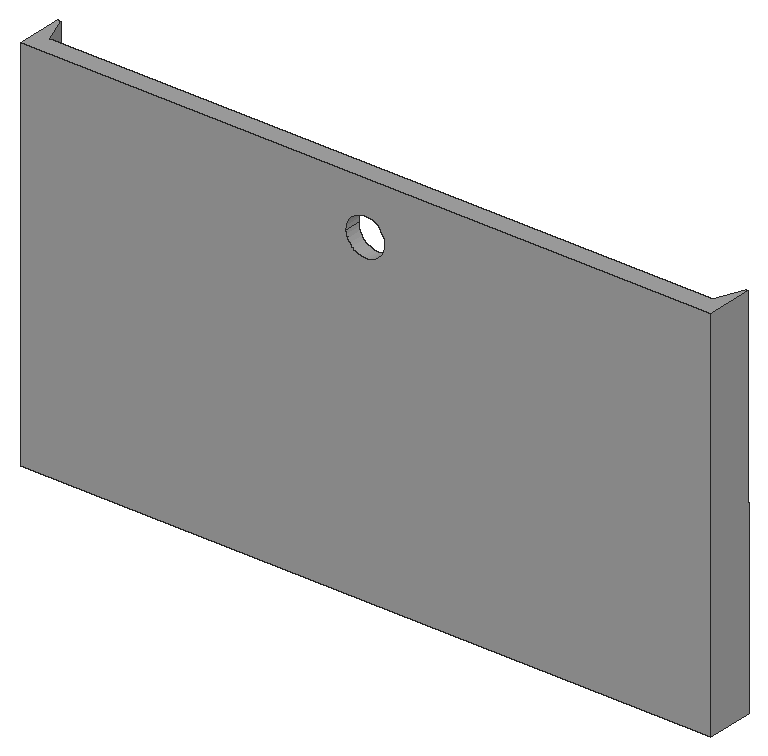
Revit family "Shower_Receptors-Willoughby-AS-ADA", category Plumbing Fixtures, host Face, Revit 2014
Parameters (values of type "30X60 (AS-S3462FA)")
  Width/2 = Width / 2  # 2' - 7 1/4"
  Width = 5' - 2 1/2"
  Waste DIA = 3 1/2"
  Waste Connection = yes
  Vent Connection = no
  URL = "www.willoughby-ind.com"
  Type Comments = "Integral Trench Drain"
  Revision = "A"
  Model = "AS-S3462FA"
  Manufacturer = "Willoughby Industries"
  HW Connection = no
  Description = "30x60 ADA Accessible Shower Pan"
  Depth = 2' - 10 1/4"
  Default Elevation = 0' - 0"
  Contact Number = "(800) 428-4065"
  CW Connection = no
  Assembly Code = ""
  Aquasurf Solid Surface = Solid Surface Acrylic Resin-Willoughby(1)
Types (3): name | Width/2 | Width | Model | Description | Depth | Aquasurf Solid Surface
  (no name) | 2' - 7 1/4" | 5' - 2 1/2" | "AS-S3462FA" | "30x60 ADA Accessible Shower Pan" | 2' - 10 1/4" | Solid Surface Acrylic Resin-Willoughby(1)
  36X36 (AS-S3840FA) | 1' - 7 13/32" | 3' - 2 13/16" | "AS-S3840FA" | "36x36 ADA Accessible Shower Pan" | 3' - 4 3/16" | Solid Surface Acrylic Resin-Willoughby
  30X60 (AS-S3462FA) | 2' - 7 1/4" | 5' - 2 1/2" | "AS-S3462FA" | "30x60 ADA Accessible Shower Pan" | 2' - 10 1/4" | Solid Surface Acrylic Resin-Willoughby(1)
Reference planes (in)
  plane 1 "Center (Front/Back)": y = 0
  plane 2: z = 0
  plane 3 "Center (Left/Right)": x = 0
  plane 4: y = 4.25
  plane 5: z = 34.25
  plane 6: x = 31.25
  plane 7: x = -31.25
  plane 8 "DRAIN CL": z = 29.5
  plane 9 "Dam CL": z = 30.4375
  plane 10: z = 31.4375
  plane 11: z = 31.4375
  plane 12: x = 30
  plane 13: x = -30
Forms (in)
  Extrusion 1, solid, material "Solid Surface Acrylic Resin-Willoughby(1)" <- "Aquasurf Solid Surface"
    sketch origin (0, 0, 0) x (1, 0, 0) y (0, 0, 1)
      loop
        line (31.25, 34.25) -> (-31.25, 34.25) -> (-31.25, 0) -> (31.25, 0) -> (31.25, 34.25)
    from -4.25 to 0
  Sweep 2, void, detail levels fine
    path origin (0, 0, 0) x (1, 0, 0) y (0, 0, 1)
      loop
        line (31, 34.25) -> (31, 0.25) -> (-31, 0.25) -> (-31, 34.25)
    profile origin (31, 0, 17.25) x (0, -1, 0) y (1, 0, 0)
      loop
        line (-1.75, -1) -> (-4.25, 0) -> (-4.25, -1) -> (-1.75, -1)
  Extrusion 3, void, detail levels fine
    sketch origin (0, 0, 0) x (1, 0, 0) y (0, 1, 0)
      loop
        line (-30, 1.75) -> (30, 1.75) -> (30, 4.25) -> (-30, 4.25) -> (-30, 1.75)
    from 1.25 to 34.25
  Extrusion 4, void, detail levels fine
    sketch origin (0, 0, 0) x (1, 0, 0) y (0, 0, 1)
      loop
        circle (0, 29.5) r 1.75
    from 0 to -1.75
  Extrusion 5, void, detail levels fine
    sketch origin (0, 0, 0) x (1, 0, 0) y (0, 0, 1)
      loop
        circle (0, 29.5) r 2.25
    from -1.38144 to -1.75
  Extrusion 6, solid, material "Solid Surface Acrylic Resin-Willoughby(1)" <- "Aquasurf Solid Surface"
    sketch origin (0, 0, 0) x (0, 1, 0) y (0, 0, 1)
      loop
        arc (1.75, 29.9375) -> (2.25, 30.4375) -> (1.75, 30.9375) r 0.5
        line (1.75, 30.9375) -> (1.75, 29.9375)
    from 2.81789 to 31.25
  Extrusion 7, solid, material "Solid Surface Acrylic Resin-Willoughby(1)" <- "Aquasurf Solid Surface"
    sketch origin (0, 0, 0) x (0, 1, 0) y (0, 0, -1)
      loop
        line (1.75, -29.9375) -> (1.75, -30.9375)
        arc (1.75, -30.9375) -> (2.25, -30.4375) -> (1.75, -29.9375) r 0.5
    from 2.81789 to 31.25
  Extrusion 8, void, detail levels fine
    sketch origin (0, 3.54451, 0) x (0, 1, 0) y (0, 0, 1)
      loop
        circle (-1.79451, 31.4375) r 0.5
    from -30 to 30
Cuts and joins
  Sweep 2, Extrusion 3, Extrusion 4, Extrusion 5, Extrusion 8 cuts Extrusion 1
  joined: Extrusion 1, Extrusion 6, Extrusion 7
Lines and regions (in)
  model lines, detail levels medium
    curve 1: circle (0, 0, 29.5) r 1.75 normal (0, -1, 0)
  symbolic lines
    curve 2: line (-31.25, 4.25, 0) -> (31.25, 4.25, 0)
    curve 3: line (31.25, 4.25, 0) -> (31.25, 0, 0)
    curve 4: line (31.25, 0, 0) -> (-31.25, 0, 0)
    curve 5: line (-31.25, 0, 0) -> (-31.25, 4.25, 0)
    curve 13: line (31.25, 0, 34.25) -> (-31.25, 0, 34.25)
    curve 14: line (-31.25, 0, 34.25) -> (-31.25, 0, 0)
    curve 15: line (-31.25, 0, 0) -> (31.25, 0, 0)
    curve 16: line (31.25, 0, 0) -> (31.25, 0, 34.25)
    curve 31: line (0, 4.25, 0) -> (0, 4.25, 34.25)
    curve 32: line (0, 4.25, 34.25) -> (0, 0, 34.25)
    curve 33: line (0, 0, 34.25) -> (0, 0, 0)
    curve 34: line (0, 0, 0) -> (0, 4.25, 0)
  symbolic lines, detail levels medium+fine
    curve 6: line (-31, 4.25, 0) -> (-30.00016, 1.75039, 0)
    curve 7: line (-30.00016, 1.75039, 0) -> (29.99692, 1.75039, 0)
    curve 8: line (29.99692, 1.75039, 0) -> (30.99676, 4.25, 0)
    curve 17: line (31, 0, 34.25) -> (31, 0, 0.25)
    curve 18: line (31, 0, 0.25) -> (-31, 0, 0.25)
    curve 19: line (-31, 0, 0.25) -> (-31, 0, 34.25)
    curve 20: line (-30, 0, 34.25) -> (-30, 0, 1.25)
    curve 21: line (-30, 0, 1.25) -> (30, 0, 1.25)
    curve 22: line (30, 0, 1.25) -> (30, 0, 34.25)
  symbolic lines, detail levels fine
    curve 9: line (2.81789, 2.25, 0) -> (2.81789, 1.75039, 0)
    curve 10: line (2.81789, 2.25, 0) -> (30.19676, 2.25, 0)
    curve 11: line (-2.81789, 2.25, 0) -> (-2.81789, 1.75039, 0)
    curve 12: line (-2.81789, 2.25, 0) -> (-30.2, 2.25, 0)
    curve 23: line (30, 0, 29.9375) -> (2.81789, 0, 29.9375)
    curve 24: line (2.81789, 0, 29.9375) -> (2.81789, 0, 30.9375)
    curve 25: line (-2.81789, 0, 30.9375) -> (-2.81789, 0, 29.9375)
    curve 26: line (-2.81789, 0, 29.9375) -> (-30, 0, 29.9375)
    curve 27: line (-30, 0, 30.9375) -> (-2.81789, 0, 30.9375)
    curve 28: line (2.81789, 0, 30.9375) -> (30, 0, 30.9375)
    curve 29: circle (0, 0, 29.5) r 1.75 normal (0, -1, 0)
    curve 30: circle (0, 0, 29.5) r 2.25 normal (0, -1, 0)
Dimensions and locks (in)
  "Depth": plane 5 to level  (x2)
  locked: plane 4 to plane 1 "Center (Front/Back)" at 4.25
  "Width": plane 6 to plane 7
  locked: plane 5 to plane 11 at 2.8125
  locked: plane 6 to plane 12 at 1.25
  locked: plane 13 to plane 7 at 1.25
  "Width/2": plane 3 "Center (Left/Right)" to plane 7
  locked: plane 9 "Dam CL" to plane 11 at 1
  locked: plane 8 "DRAIN CL" to plane 9 "Dam CL" at 0.9375
  aligned and locked: plane 2 to host face
  aligned and locked: level to host face
  aligned and locked: plane 1 "Center (Front/Back)" to Extrusion 1
  aligned and locked: Extrusion 1 to plane 4
  aligned and locked: plane 5 to Extrusion 1
  aligned and locked: plane 6 to Extrusion 1
  aligned and locked: Extrusion 1 to plane 7
  aligned and locked: plane 5 to cut or joined group of Extrusion 1, Sweep 2, Extrusion 3, Extrusion 4, Extrusion 5, Extrusion 6, Extrusion 7, Extrusion 8
  aligned and locked: plane 8 "DRAIN CL" to Extrusion 4 sketch curve
  aligned and locked: plane 3 "Center (Left/Right)" to Extrusion 4 sketch curve
  aligned and locked: plane 8 "DRAIN CL" to Extrusion 5 sketch curve
  aligned and locked: plane 3 "Center (Left/Right)" to Extrusion 5 sketch curve
  aligned and locked: plane 6 to Extrusion 6
  aligned and locked: Extrusion 7 to plane 7
  aligned and locked: plane 11 to Extrusion 8 sketch curve
  aligned: Extrusion 8 to cut or joined group of Extrusion 1, Sweep 2, Extrusion 3, Extrusion 4, Extrusion 5, Extrusion 6, Extrusion 7, Extrusion 8  (x2)
  aligned: plane 6 to cut or joined group of Extrusion 1, Sweep 2, Extrusion 3, Extrusion 4, Extrusion 5, Extrusion 6, Extrusion 7, Extrusion 8
  aligned: cut or joined group of Extrusion 1, Sweep 2, Extrusion 3, Extrusion 4, Extrusion 5, Extrusion 6, Extrusion 7, Extrusion 8 to plane 7
  aligned and locked: plane 12 to cut or joined group of Extrusion 1, Sweep 2, Extrusion 3, Extrusion 4, Extrusion 5, Extrusion 6, Extrusion 7, Extrusion 8
  aligned and locked: plane 13 to cut or joined group of Extrusion 1, Sweep 2, Extrusion 3, Extrusion 4, Extrusion 5, Extrusion 6, Extrusion 7, Extrusion 8
  aligned and locked: cut or joined group of Extrusion 1, Sweep 2, Extrusion 3, Extrusion 4, Extrusion 5, Extrusion 6, Extrusion 7, Extrusion 8 to level
  aligned and locked: curve 1 to cut or joined group of Extrusion 1, Sweep 2, Extrusion 3, Extrusion 4, Extrusion 5, Extrusion 6, Extrusion 7, Extrusion 8
  aligned and locked: Extrusion 1 to Sweep 2
Automatic sketch dimensions
  host sketch curve to host sketch curve = 6' - 4.24802"
  host sketch curve to host sketch curve = 3' - 7.00568"
  Extrusion 1 sketch curve to plane 5 = 0' - 0"
  Extrusion 1 sketch curve to plane 7 = 0' - 0"
  Extrusion 1 sketch curve to level = 0' - 0"
  Extrusion 1 sketch curve to plane 6 = 0' - 0"
  Sweep 2 sketch curve to plane 5 = 0' - 0"  (x2)
  plane 7 to Sweep 2 sketch curve = 0' - 0 1/4"
  Sweep 2 sketch curve to plane 6 = 0' - 0 1/4"
  level to Sweep 2 sketch curve = 0' - 0 1/4"
  Sweep 2 sketch curve to profile plane = 0' - 0"
  Sweep 2 sketch curve to plane 1 "Center (Front/Back)" = 0' - 4 1/4"
  Sweep 2 sketch curve to plane 1 "Center (Front/Back)" = 0' - 1 3/4"
  profile plane to Sweep 2 sketch curve = 0' - 1"
  plane 4 to Extrusion 3 sketch curve = 0' - 0"
  plane 7 to Extrusion 3 sketch curve = 0' - 1 1/4"
  Extrusion 3 sketch curve to plane 6 = 0' - 1 1/4"
  Extrusion 3 sketch curve to plane 1 "Center (Front/Back)" = 0' - 1 3/4"
  plane 9 "Dam CL" to Extrusion 6 sketch curve = 0' - 0"
  Extrusion 6 sketch curve to plane 8 "DRAIN CL" = 0' - 0 7/16"
  Extrusion 6 sketch curve to plane 1 "Center (Front/Back)" = 0' - 1 3/4"
  plane 9 "Dam CL" to Extrusion 7 sketch curve = 0' - 0"
  Extrusion 7 sketch curve to plane 8 "DRAIN CL" = 0' - 0 7/16"
  Extrusion 7 sketch curve to plane 1 "Center (Front/Back)" = 0' - 1 3/4"
  Extrusion 8 sketch curve to plane 1 "Center (Front/Back)" = 0' - 1 3/4"
  plane 1 "Center (Front/Back)" to curve 4 = 0' - 0"
  curve 4 to plane 7 = 0' - 0"
  plane 4 to curve 6 = 0' - 0"
  curve 3 to plane 6 = 0' - 0"
  plane 13 to curve 6 = 0' - 0.00016"
  plane 3 "Center (Left/Right)" to curve 9 = 0' - 2.81789"
  curve 7 to plane 12 = 0' - 0.00308"
  curve 9 to curve 10 = 0' - 0.49961"
  plane 7 to curve 6 = 0' - 0 1/4"
  plane 13 to curve 12 = 0' - 0.2"
  curve 11 to plane 3 "Center (Left/Right)" = 0' - 2.81789"
  plane 12 to curve 10 = 0' - 0.19676"
  curve 6 to curve 12 = 0' - 0.49961"
  curve 1 to curve 29 = 0' - 0"  (x2)
  curve 1 to curve 30 = 0' - 0"  (x2)
  curve 14 to level = 0' - 0"
  curve 14 to plane 7 = 0' - 0"
  curve 19 to plane 5 = 0' - 0"
  plane 13 to curve 26 = 0' - 0"
  plane 12 to curve 22 = 0' - 0"
  curve 15 to plane 6 = 0' - 0"
  plane 7 to curve 19 = 0' - 0 1/4"
  curve 26 to plane 8 "DRAIN CL" = 0' - 0 7/16"
  curve 26 to plane 3 "Center (Left/Right)" = 0' - 2.81789"
  curve 24 to plane 9 "Dam CL" = 0' - 0 1/2"
  plane 3 "Center (Left/Right)" to curve 24 = 0' - 2.81789"
  curve 18 to plane 6 = 0' - 0 1/4"
  level to curve 17 = 0' - 0 1/4"
  level to curve 20 = 0' - 1 1/4"
  curve 24 to plane 8 "DRAIN CL" = 0' - 0 7/16"
  curve 25 to plane 9 "Dam CL" = 0' - 0 1/2"
  curve 34 to plane 1 "Center (Front/Back)" = 0' - 0"
  curve 34 to plane 4 = 0' - 0"
  curve 31 to level = 0' - 0"
  curve 33 to plane 5 = 0' - 0"
  radius of Extrusion 4 sketch curve = 0' - 1 3/4"
  radius of Extrusion 5 sketch curve = 0' - 2 1/4"
  radius of Extrusion 8 sketch curve = 0' - 0 1/2"
  radius of curve 29 = 0' - 1 3/4"
  radius of curve 30 = 0' - 2 1/4"
Connectors (in)
  piping at (0, 0, 29.5), diameter 3.5, driven by "Waste Connection", driven by "Waste DIA"
    settings: on cut or joined group of Extrusion 1, Sweep 2, Extrusion 3, Extrusion 4, Extrusion 5, Extrusion 6, Extrusion 7, Extrusion 8, index 1, connector inside diameter 3 1/2", connector length 0' - 0", flow factor 0, pipe flow 0 GPM, pressure drop 0.00 psi, fitting loss kfactor 0, connector angle 0.00°, fixture units 0, engagement length 0' - 0", angle of deflection 0.00°, flow configuration 0, flow direction 2, fitting loss method 0, system type 16, joint type 0, gender type 0, connector reference index -1, connector utility 1, adjustable connector yes, is connector primary yes, connector description "Shower Drain"
